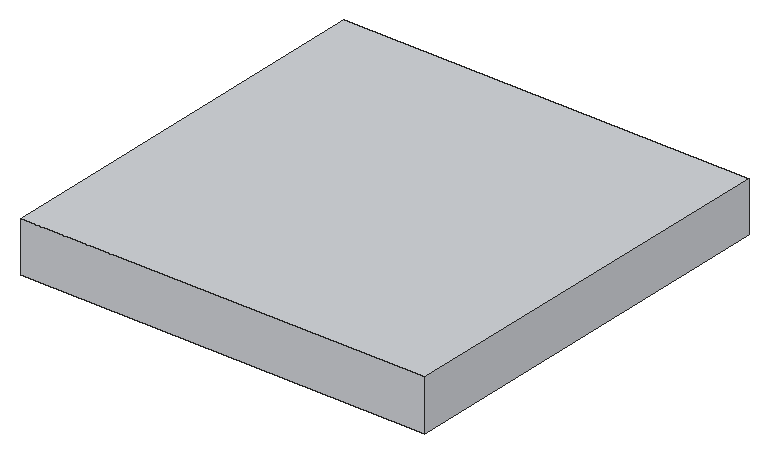
Revit family "05-7641-14-14", category Luminarias, Revit 2017
Family settings
  Anfitrión = Cara
  Cota de conector redondo = Diámetro de uso
  Tipo de pieza = Normal
  Número OmniClass = 23.80.70.00
  Título OmniClass = Lighting
  Corte con vacíos al cargar = No
  Origen de luz = No
  Compartido = Sí
  Punto de cálculo de habitación = No
Parameters (values of type "05-7641-14-14")
  Versión = "v1"
  Vatios (W) = 4
  Tipo de regulación = "ON-OFF"
  Tipo = "Aplic"
  Tender text (English) = "LEDS C4\nGes Deco Round ø150mm\n05-7641-14-14\n\nWall fixture for indoor use. \n\nFor uplighting and downlighting. No visible screws. Optimum price-performance. Optimum visual comfort. Indirect light effect. High durability for intensive use. Structure material: Steel, Plaster. Structure finish: White. Diffuser material: Acrylic. Diffuser finish: Sandblasted. Warranty: 5 Years.\n\nProduct net weight (Kg): 0.72\nProduct width or diameter (mm): 150\nProduct height (mm): 46\n\nClass 1. IP: IP20. LED. No. of lampholders or LEDs: 30. Driver brand: HEP. Maximum power of light source: 3W. Colour temperature: 3000K. Colour rendering index: 80. MacAdam Steps: 3. Maximum diameter of luminaire bulb: 50.000h L80B20. UGR: 20.0. Photobiological risk: RG0. Real flux (lm): 386. Real lm/W: 97. Voltage / frequency range: 100-277/50-60Hz. Voltage: 3. Equipment included: Yes, electronic. Total power: 4. Power factor: 0.50. Dimmable equipment included: ON-OFF."
  Tender text (Castellano) = "LEDS C4\nGes Deco Round ø150mm\n05-7641-14-14\n\nAplic d'ús interior per il·luminar cap amunt i cap avall \n\nSense cargols a la vista. Òptim preu-rendiment. Òptim confort visual. Efecte de llum indirecte. Alta durabilitat per a ús intensiu. Material de l'estructura: Acer, Guix. Acabat estructura: Blanc. Material del difusor: Acrílic. Acabat difusor: Arenat. Garantia: 5 Anys.\n\nPes net del producte (Kg): 0.72\nAmplada o diàmetre del producte (mm): 150\nAlçada del producte (mm): 46\n\nClasse 1. IP: IP20. LED. Nº de portalàmpades o Leds: 30. Marca del Driver: HEP. Potència màxima de la font de llum: 3W. Temperatura de color: 3000K. Índex de reproducció cromàtica: 80. Steps Mac Adam: 3. Diàmetre màxim de la bombeta que admet la lluminària: 50.000h L80B20. UGR: 20.0. Risc fotobiològic: RG0. Flux real (lm): 386. Lm / W reals: 97. Rang de voltatge / freqüència: 100-277/50-60Hz. Voltatge: 3. Equip inclòs: Si, electrònic. Potència total: 4. Factor de potència: 0.50. Equip regulable inclòs: ON-OFF."
  Temperatura color led (K) = "Blanc càlid - 3000K"
  Referencia = "05-7641-14-14"
  Rayo de luz = ""
  Producto descatalogado = "Catalogado"
  Pluma comercial = "https://files.leds-c4.com/pl/05-7641-14-14.html"
  Peso neto (KG) = 0.72
  Material = "Acer, Guix, Acrílic"
  Lumenes reales (lm) = 386
  LDT = "https://files.leds-c4.com/ldt/05-7641-14-14.html"
  Imagen web = "https://files.leds-c4.com/main-photo/05-7641-14-14"
  IfcExportType = "NOTDEFINED"
  IfcExportAs = "IfcLightFixture\r\nIfcLightFixture"
  IP = "IP20"
  IMC = "https://files.leds-c4.com/imc/05-7641-14-14.html"
  IK = ""
  Fuente de luz = ""
  Fotometría = "https://files.leds-c4.com/fm/05-7641-14-14.html"
  Ficha = "https://files.leds-c4.com/ft/ca/05-7641-14-14.html"
  FechaVersion = "Creada: 21/07/2021"
  Familia = "Ges Deco Round ø150mm"
  Fabricante = "LEDS C4"  # constant formula
  Etiqueta V/f = "100-240V/50-60Hz"
  Elevación por defecto = 1000 mm
  Eficiencia energética = "LED A++"
  EAN13 = "8435526868803"
  DescripcionUniformat2010 = "Lighting"
  DescripcionUniclass2015 = "Lighting"
  DescripcionOmniclass = "Lighting"
  DescripcionGubimclass = "Iluminación interior"
  CodigoUniformat2010 = "D5040"
  CodigoUniclass2015 = "EF_70_80"
  CodigoOmniclass = "21-04 50 40"
  CodigoGubimclass = "50.60.50.20"
  Catálogo = "Decorative"
  Carga aparente = 0 VA
  CRI = 80
  Acabado = "Blanc, Arenat"
Types (2, lengths in mm): name | Lumenes reales (lm) | CRI
  (no name) | 0 | 0
  05-7641-14-14 | 386 | 80
Values of the unnamed type that differ from the named types
  Vatios (W) = 0
  Tipo de regulación = ""
  Tipo = ""
  Tender text (English) = ""
  Tender text (Castellano) = ""
  Temperatura color led (K) = ""
  Referencia = ""
  Producto descatalogado = ""
  Pluma comercial = ""
  Peso neto (KG) = 0
  Material = ""
  LDT = ""
  Imagen web = ""
  IP = ""
  IMC = ""
  Fotometría = ""
  Ficha = ""
  FechaVersion = "Julio 2020"
  Familia = ""
  Etiqueta V/f = ""
  Eficiencia energética = ""
  EAN13 = ""
  Catálogo = ""
  Acabado = ""
Reference planes
  plane 1 "Centro (Frontal/Posterior)": y = 0
  plane 2: z = 0
  plane 3 "Centro (Izquierda/Derecha)": x = 0
  plane 4 "Elevación de origen de luz": z = 0
  plane 5 "Eje de origen de luz (F/P)": y = 0
  plane 6 "Eje de origen de luz (I/D)": x = 0
Forms (mm)
  Extrusion 1, solid
    sketch origin (0, 0, 0) x (1, 0, 0) y (0, 1, 0)
      loop
        line (-1219.2, 1219.2) -> (-1219.2, -1219.2) -> (1219.2, -1219.2) -> (1219.2, 1219.2) -> (-1219.2, 1219.2)
    from 0 to -304.8
Dimensions and locks
  aligned and locked: plane 2 to Extrusion 1
  aligned and locked: level to Extrusion 1
Nested families
  nested 1: "Luz anidada" at (0, -0.012, 56.21), type "Tipo1"
Connectors
  electrical at (0, 0, 0)
    settings: on Extrusion 1, index 1, voltage 0 V, apparent load 0 VA, apparent load phase1 0 VA, apparent load phase2 0 VA, apparent load phase3 0 VA, power factor 1, load classification "Otro", number of poles 1, system type 31, power factor state 1, is connector primary yes, connector utility no, sub classification motor no, connector description ""
Definition of nested family "Luz anidada"
  Parameters (values of type "Tipo1")
    Tilt Angle = 90.00°
    Wattage = 32 W
    Tipo de regulación = ""
    Tipo = ""
    Tender text = ""
    built-in parameter 1150110 = 1 (stored number, unit not read)
    Pluma comercial = ""
    Material = ""
    Imagen = ""
    IP = ""
    IMC = ""
    IK = ""
    Fotometría = ""
    Ficha = ""
    Familia = ""
    Estado en catálogo = ""
    Peso neto = ""
    Lamp = ""
    built-in parameter 1114217 = 1 (stored number, unit not read)
    built-in parameter 1150109 = 1 (stored number, unit not read)
    Etiqueta vf = ""
    Eficiencia energética = ""
    EAN13 = ""
    built-in parameter 1150134 = (empty or 0)
    built-in parameter 1150113 = 1 (stored number, unit not read)
    Lumens = 2712 lm
    built-in parameter 1150115 = 1 (stored number, unit not read)
    built-in parameter 1150105 = 109.82 (stored number, unit not read)
    built-in parameter 1150137 = (empty or 0)
    built-in parameter 1150139 = (empty or 0)
    built-in parameter 1150112 = 1 (stored number, unit not read)
    built-in parameter 1150114 = 1 (stored number, unit not read)
    built-in parameter 1150132 = (empty or 0)
    built-in parameter 1150102 = (empty or 0)
    built-in parameter 1150138 = (empty or 0)
    built-in parameter 1150107 = 3000 (stored number, unit not read)
    built-in parameter 1150106 = 1.0982 (stored number, unit not read)
    built-in parameter 1150104 = 4.6452 (stored number, unit not read)
    Catálogo = ""
    Dimming Lamp Color Temperature Shift = (empty or 0)
    Color Filter = 16777215
    built-in parameter 1114218 = 1 (stored number, unit not read)
    CRI = 0
    Photometric Web File = "1x4 2Lamp.ies"
    Acabado = ""
    built-in parameter 1150133 = 10 (stored number, unit not read)
  Reference planes
    plane 1 "Eje de origen de luz (F/P)": y = 0
    plane 2: z = 0
    plane 3 "Eje de origen de luz (I/D)": x = 0
    plane 4 "Elevación de origen de luz": z = 0
  Dimensions and locks
    aligned and locked: level to plane 2
